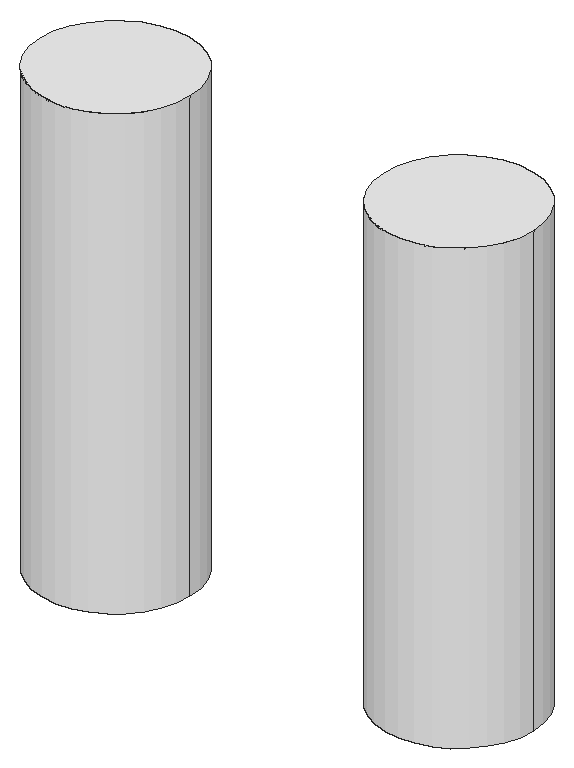
Revit family "55422203(2022)", category Plumbing Fixtures, Revit 2020
Family settings
  Round Connector Dimension = Use Diameter
  Part Type = Normal
  OmniClass Number = 23.45.55.00
  OmniClass Title = Sanitary Faucets, Wastes
  Work Plane-Based = No
  Always vertical = Yes
  Cut with Voids When Loaded = No
  Shared = No
  Room Calculation Point = No
Parameters (values of type "55422203 Washbasin faucet ")
  Working Pressure = "50 - 1000 kPa"
  WarrantyStartDate [instance] = "n/a"
  WarrantyGuarantorParts = "n/a"
  WarrantyGuarantorLabor = "n/a"
  WarrantyDurationUnit = "Year"
  WarrantyDurationParts = "n/a"
  WarrantyDurationLabor = "n/a"
  WarrantyDescription = "http://warranty.hansa.com"
  Warranty Information URL = "http://warranty.hansa.com"
  VersionDate = "01/06/2023"
  Version = "1"
  ValvePattern = "n/a"
  ValveOperation = "n/a"
  ValveMechanism = "n/a"
  Uniclass2015Reference = "Pr_40_20_87_96"
  Uniclass2015Description = "Washbasin manual water supply sets"
  Uniclass2 = "Pr_40_30_96_96"
  URL UWL = "http://static.hansa.com/UWL/55422203"
  URL REACH = "http://static.hansa.com/doc/reach"
  URL EcoLabel Declaration = "http://static.hansa.com/doc/EcoLabel"
  URL EU Packaging Declaration = "http://static.hansa.com/doc/packaging"
  URL Declaration of SCIP = "http://static.hansa.com/doc/SCIP"
  URL Declaration of Conformity = "http://static.hansa.com/DoC/55422203"
  URL Declaration of Asbestos = "http://static.hansa.com/doc/asbestos"
  URL Declaration Of Performance (DOP) = "http://static.hansa.com/doc/DoP"
  URL DVGW = "http://static.hansa.com/DVGW/55422203"
  URL ABP = "http://static.hansa.com/ABP/55422203"
  URL = ""
  UNSPSC Class Number = "30181700 Faucets or taps"
  Type Comments = ""
  TestPressure = "n/a"
  Technical DataSheet URL = "http://www.hansa.com/datasheet/55422203/en"
  TagNumber [instance] = "n/a"
  SustainabilityPerformance = "n/a"
  Surface treatment = "Chrome"
  Spout Type = "Fixed spout"
  Spout Projection = "101 mm"
  Spare-Part Information URL = "http://static.hansa.com/sp/55422203"
  Size = "50x140x125 mm"
  Shape = "Sculptured"
  SerialNumber [instance] = "n/a"
  Sales Package dimensions (LxWxH) = "395 x 195 x 70"
  Revision = "n/a"
  ReplacementCost = "n/a"
  ProductInformation = "n/a"
  Product URL = "http://static.hansa.com/55422203"
  Product Image URL = "http://static.hansa.com/image/55422203"
  Product Family = "5160 "
  Product Code = "55422203"
  OperatingMechanismMaterial = "n/a"
  NominalWidth = 47.158 mm
  NominalHeight = 122.504 mm
  NominalDepth = 138.494 mm
  Noise Class = "I (ISO 3822)"
  Name_en = "55422203 Washbasin faucet"
  Name = "55422203 Washbasin faucet"
  NBSReference = "45-35-70/371"
  NBSDescription = "Water supply fittings for wash basins and troughs"
  Mounting Holes = "1 hole"
  ModelReference = "55422203"
  ModelNumber = "n/a"
  Model = "55422203 Washbasin faucet"
  Mobile Product Information URL = "http://mpi.hansa.com/55422203"
  Mechanical Parts = "ø 35 mm ceramic cartridge for flow and temperature control"
  Max. Hot Water Supply = 70 °C
  Material = "Brass"
  Market = "Austria;Czech Republic;Germany;International;Italy;Slovakia"
  ManufacturerURL = "http://www.hansa.com"
  ManufacturerName = "HANSA"
  Manufacturer = "HANSA"
  Lever Handle = "Hot/Cold symbols;Single operating lever/handle"
  Keynote = ""
  InstallationDate [instance] = "n/a"
  Installation and Maintenance Guide URL = "http://static.hansa.com/manual/55422203"
  Installation Type = "Deck mounted"
  InletConnectionSize = 10 mm
  IfcExportType = "FAUCET"  # constant formula
  IfcExportAs = "IfcValveType"  # constant formula
  Group = "Washbasin faucet"
  Grade = "n/a"
  FlowCoefficient = 0
  Flow Rate At 300kPa With Flow Controller = 0.08 L/s
  Flow Drawing URL = "http://static.hansa.com/flowchart/55422203"
  Finish = "Polished"
  Features = "Single-lever"
  FaucetMainMaterial = Brass
  FDV Document URL = "http://www.hansa.com/datasheet/55422203/en/fdv"
  ExpectedLife = "n/a"
  Excluded Items = "Without pop-up waste;Without draw-rod opening"
  ETIM Class Number = "EC011328 Washbasin mixing tap"
  EN Standard = "EN 817"
  EAN Number = "4057304018978"
  DurationUnit = "Year"
  Dimension Drawing URL = "http://static.hansa.com/dimdrw/55422203"
  Description = ""
  DefaultElevation [instance] = 900 mm
  Default Elevation = 0 mm
  Constituents = "n/a"
  Connection Size = "G3/8"
  Connection = "Flexible inlet pipes"
  Color = "Chrome"
  CodePerformance = "n/a"
  CloseOffRating = 0
  Category = "Washbasin"
  Catalog Drawing URL = "http://static.hansa.com/catdrw/55422203"
  Brand = "HANSA"
  BodyMaterial = "Brass"
  Barcode [instance] = "n/a"
  Backflow Prevention EN1717 = "AA"
  BIMObjectName = "55422203(2022)"
  Author = "BIMStone"
  AssetType = "Fixed"
  AssetIdentifier [instance] = "n/a"
  Approval DVGW = "DW-6506DO0165"
  Approval ABP = "PA-IX 10072/IO"
  Aerator = "PCA® - constant flow rate regardless of pressure variations"
  Advanced Features = "Rapid installation system"
  AccessibilityPerformance = "n/a"
  2D/3D/BIM Files URL = "http://static.hansa.com/bim/55422203"
Reference planes
  plane 1 "Center (Front/Back)": y = 0
  plane 2: z = 0
  plane 3 "Center (Left/Right)": x = 0
  plane 4: x = -23.579
  plane 5: z = 900
  plane 6: z = 870
  plane 7: y = -138.494
  plane 8: x = 23.579
  plane 9: z = 1022.504
Forms (mm)
  Extrusion 1, solid, material "Brass" <- "FaucetMainMaterial"
    sketch origin (0, -2.393, 0) x (1, 0, 0) y (0, 1, 0)
      loop
        circle (-11.5, -22.5) r 5
      loop
        circle (11.5, -22.5) r 5
    from 870 to 900
Dimensions and locks
  "DefaultElevation": plane 5 to level
  locked: plane 5 to plane 6 at 30
  "NominalDepth": plane 7 to plane 1 "Center (Front/Back)"
  equal spacing: plane 4, plane 3 "Center (Left/Right)", plane 8
  "NominalHeight": plane 9 to plane 5
  "NominalWidth": plane 4 to plane 8
  "InletConnectionSize": diameter of Extrusion 1 sketch curve  (x2)
  aligned and locked: level to plane 2
  aligned and locked: plane 5 to Extrusion 1
  aligned and locked: Extrusion 1 to plane 6
  aligned and locked: plane 1 "Center (Front/Back)" to nested 2
  aligned and locked: plane 3 "Center (Left/Right)" to nested 2
  aligned and locked: plane 3 "Center (Left/Right)" to nested 1
  aligned and locked: plane 1 "Center (Front/Back)" to nested 1
  aligned and locked: plane 5 to nested 2
Automatic sketch dimensions
  Extrusion 1 sketch curve to plane 3 "Center (Left/Right)" = 11.5 mm
  plane 3 "Center (Left/Right)" to Extrusion 1 sketch curve = 11.5 mm
  plane 1 "Center (Front/Back)" to Extrusion 1 sketch curve = 24.893 mm  (x2)
Nested families
  nested 1: "Symbol" at (0, 0, 0), type "Symbol", detail levels coarse
  nested 2: "55422203_Body" at (0, 0, 900), Material <- "FaucetMainMaterial", type "55422203_Body"
    with Material Brass
Connectors
  piping at (-11.5, -24.893, 870), diameter 10, driven by "InletConnectionSize"
    settings: on Extrusion 1, index 1, connector inside diameter 609.6 mm, connector length 0 mm, flow factor 0, pipe flow 0.08 L/s, pressure drop 0.0 Pa, fitting loss kfactor 0, connector angle 0.00°, fixture units 0, engagement length 0 mm, angle of deflection 0.00°, flow configuration 1, flow direction 1, fitting loss method 0, system type 19, joint type 0, gender type 0, connector reference index -1, connector utility 0, adjustable connector no, is connector primary yes, connector description ""
  piping at (11.5, -24.893, 870), diameter 10, driven by "InletConnectionSize"
    settings: on Extrusion 1, index 2, connector inside diameter 609.6 mm, connector length 0 mm, flow factor 0, pipe flow 0.08 L/s, pressure drop 0.0 Pa, fitting loss kfactor 0, connector angle 0.00°, fixture units 0, engagement length 0 mm, angle of deflection 0.00°, flow configuration 1, flow direction 1, fitting loss method 0, system type 20, joint type 0, gender type 0, connector reference index -1, connector utility 0, adjustable connector no, is connector primary no, connector description ""
Definition of nested family "Symbol"
  Reference planes
    plane 1: y = 0
    plane 2: x = 0
  Lines and regions (mm)
    detail lines
      curve 1: line (0, 0, 0) -> (0, -1.8, 0)
      curve 2: line (-0.4, -1.1, 0) -> (0.4, -1.1, 0)
      curve 3: line (-0.4, -1.4, 0) -> (0.4, -1.4, 0)
      curve 4: line (0.863, 0, 0) -> (-0.863, 0, 0)
      curve 5: circle (-1.163, 0, 0) r 0.3 normal (0, 0, -1)
      curve 6: circle (1.163, 0, 0) r 0.3 normal (0, 0, 1)
Definition of nested family "55422203_Body"
  Parameters (values of type "55422203_Body")
    Material [instance] = none
    Default Elevation = 0 mm
  Reference planes
    plane 1 "Center (Front/Back)": y = 0
    plane 2: z = 0
    plane 3 "Center (Left/Right)": x = 0
    plane 4: z = 122.504
    plane 5: y = -138.494
    plane 6: x = -23.579
    plane 7: x = 23.579
  Forms (mm)
    Revolve 1, solid, material <- "Material", detail levels medium
      sketch origin (0, 0, 0) x (0, 1, 0) y (0, 0, 1)
        loop
          line (0.147, -7.757) -> (-2.408, 127.297) -> (-25.896, 127.297) -> (-23.341, -7.757) -> (0.147, -7.757)
        axis (-23.333, -8.201) -> (-25.896, 127.297)
      angle from 0 to 360
    Extrusion 2, void
      sketch origin (0, 0, 0) x (0, 1, 0) y (0, 0, 1)
        loop
          line (25.641, 122.104) -> (25.641, 142.777) -> (-138.494, 142.777) -> (-138.494, 122.104) -> (25.641, 122.104)
        loop
          line (25.641, 0) -> (-134.359, 0) -> (-134.359, -25) -> (25.641, -25) -> (25.641, 0)
      from -23.579 to 23.579
    Extrusion 3, solid, material <- "Material", detail levels medium
      sketch origin (0, 0, 0) x (0, 1, 0) y (0, 0, 1)
        loop
          line (-25.682, 117.297) -> (-25.682, 122.104) -> (-110.75, 122.104)
          arc (-110.75, 122.104) -> (-111.943, 121.076) -> (-111.103, 119.744) r 1.206
          line (-111.103, 119.744) -> (-103.108, 117.297) -> (-25.682, 117.297)
      from -22 to 22
    Extrusion 4, solid, material <- "Material", detail levels medium
      sketch origin (0, 0, 0) x (0, 1, 0) y (0, 0, 1)
        loop
          line (-23.504, 69.475) -> (-23.504, 89.465) -> (-137.334, 89.465)
          arc (-137.334, 89.465) -> (-138.154, 89.126) -> (-138.494, 88.305) r 1.16
          line (-138.494, 88.305) -> (-138.494, 86.465) -> (-109.067, 69.475) -> (-23.504, 69.475)
      from -20 to 20
    Revolve 5, solid, material <- "Material", detail levels medium
      sketch origin (0, 0, 0) x (0, 1, 0) y (0, 0, 1)
        loop
          line (-124.264, 69.526) -> (-113.922, 63.556) -> (-108.864, 72.317) -> (-119.206, 78.288) -> (-124.264, 69.526)
        axis (-124.264, 69.526) -> (-119.206, 78.288)
      angle from 0 to 360
    Extrusion 6, solid, material <- "Material", detail levels coarse
      sketch origin (0, 0, 0) x (1, 0, 0) y (0, 1, 0)
        loop
          line (-23.579, 0) -> (-23.579, -138.494) -> (23.579, -138.494) -> (23.579, 0) -> (-23.579, 0)
      from 0 to 122.504
  Cuts and joins
    Extrusion 2 cuts Revolve 1
    joined: Revolve 1, Extrusion 3, Extrusion 4, Revolve 5
  Lines and regions (mm)
    symbolic lines, detail levels medium+fine
      curve 1: line (0, 0, 0) -> (0, -46.976, 0)
      curve 2: line (0, -46.976, 0) -> (0, -46.349, 35.089)
      curve 3: line (0, -1.692, 89.465) -> (0, -2.732, 89.465)
      curve 4: line (0, -2.732, 89.465) -> (0, -6.367, 99.452)
      curve 6: line (0, -45.682, 91.465) -> (0, -43.74, 91.465)
      curve 8: line (0, -45.682, 110.297) -> (0, -45.682, 91.465)
      curve 9: line (0, -1.349, 102.446) -> (0, -1.65, 120.138)
      curve 10: line (0, -3.65, 122.104) -> (0, -110.75, 122.104)
      curve 11: line (0, -52.682, 117.297) -> (0, -103.108, 117.297)
      curve 12: line (0, -111.103, 119.744) -> (0, -103.108, 117.297)
      curve 13: arc (0, -110.75, 122.104) -> (0, -111.943, 121.076) -> (0, -111.103, 119.744) r 1.206
      curve 14: arc (0, -45.682, 110.297) -> (0, -47.733, 115.247) -> (0, -52.682, 117.297) r 7
      curve 15: arc (0, -1.65, 120.138) -> (0, -2.248, 121.53) -> (0, -3.65, 122.104) r 2
      curve 16: arc (0, -1.927, 101.523) -> (0, -1.501, 101.899) -> (0, -1.349, 102.446) r 1
      curve 17: line (0, -80.126, 69.475) -> (0, -109.067, 69.475)
      curve 18: arc (0, -46.349, 35.089) -> (0, -56.026, 59.366) -> (0, -80.126, 69.475) r 33.783
      curve 19: line (0, -138.494, 86.465) -> (0, -130.843, 82.048)
      curve 20: line (0, -138.494, 86.465) -> (0, -138.494, 88.305)
      curve 21: arc (0, -137.334, 89.465) -> (0, -138.154, 89.126) -> (0, -138.494, 88.305) r 1.16
      curve 22: line (0, -114.745, 64.031) -> (0, -133.783, 75.022)
      curve 23: line (0, -132.212, 79.677) -> (0, -130.843, 82.048)
      curve 24: line (0, -111.514, 67.727) -> (0, -110.145, 70.098)
      curve 26: line (0, -132.212, 79.677) -> (0, -131.858, 78.356)
      curve 27: line (0, -131.858, 78.356) -> (0, -133.783, 75.022)
      curve 28: line (0, -111.514, 67.727) -> (0, -112.812, 67.38)
      curve 29: line (0, -112.812, 67.38) -> (0, -114.745, 64.031)
      curve 30: line (0, -110.145, 70.098) -> (0, -109.067, 69.475)
      curve 32: line (0, -44.276, 89.465) -> (0, -43.74, 91.465)
      curve 33: line (0, 0, 0) -> (0, -1.692, 89.465)
      curve 35: line (0, -6.367, 99.452) -> (0, -1.927, 101.523)
      curve 36: line (0, -44.276, 89.465) -> (0, -137.334, 89.465)
      curve 38: line (-23.579, 0, 0) -> (-21.706, 0, 88.339)
      curve 39: arc (-21.706, 0, 88.339) -> (-21.363, 0, 89.135) -> (-20.562, 0, 89.465) r 1.15
      curve 40: line (-20.562, 0, 89.465) -> (-20.207, 0, 91.476)
      curve 41: line (-20.207, 0, 91.476) -> (-22.236, 0, 91.476)
      curve 42: line (-22.236, 0, 91.476) -> (-21.787, 0, 120.893)
      curve 43: line (0, 0, 122.504) -> (-20.518, 0, 122.164)
      curve 44: arc (-20.518, 0, 122.164) -> (-21.409, 0, 121.786) -> (-21.787, 0, 120.893) r 1.29
      curve 51: line (23.579, 0, 0) -> (21.706, 0, 88.339)
      curve 52: arc (21.706, 0, 88.339) -> (21.363, 0, 89.135) -> (20.562, 0, 89.465) r 1.15
      curve 53: line (20.562, 0, 89.465) -> (20.207, 0, 91.476)
      curve 54: line (20.207, 0, 91.476) -> (22.236, 0, 91.476)
      curve 55: line (22.236, 0, 91.476) -> (21.787, 0, 120.893)
      curve 56: line (0, 0, 122.504) -> (20.518, 0, 122.164)
      curve 57: arc (20.518, 0, 122.164) -> (21.409, 0, 121.786) -> (21.787, 0, 120.893) r 1.29
      curve 60: line (-23.579, 0, 0) -> (23.579, 0, 0)
      curve 66: arc (21.853, -32.435, 0) -> (19.555, -10.404, 0) -> (0, 0, 0) r 23.579
      curve 67: line (-21.853, -124.494, 0) -> (-21.853, -32.435, 0)
      curve 68: line (21.853, -124.494, 0) -> (21.853, -32.435, 0)
      curve 69: line (7.853, -138.494, 0) -> (-7.853, -138.494, 0)
      curve 70: arc (-7.853, -138.494, 0) -> (-17.752, -134.394, 0) -> (-21.853, -124.494, 0) r 14
      curve 71: arc (21.853, -124.494, 0) -> (17.752, -134.394, 0) -> (7.853, -138.494, 0) r 14
      curve 78: arc (0, 0, 0) -> (-19.555, -10.404, 0) -> (-21.853, -32.435, 0) r 23.579
    symbolic lines, detail levels fine
      curve 5: line (0, -22.289, 92.028) -> (0, -6.367, 99.452)
      curve 7: arc (0, -24.824, 91.465) -> (0, -23.526, 91.608) -> (0, -22.289, 92.028) r 6
      curve 25: line (0, -111.514, 67.727) -> (0, -132.212, 79.677)
      curve 31: line (0, -130.843, 82.048) -> (0, -110.145, 70.098)
      curve 34: line (0, -2.732, 89.465) -> (0, -44.276, 89.465)
      curve 37: line (0, -43.74, 91.465) -> (0, -24.824, 91.465)
      curve 45: line (0, 0, 117.297) -> (-17.265, 0, 117.297)
      curve 46: arc (-17.265, 0, 117.297) -> (-20.154, 0, 118.306) -> (-21.787, 0, 120.893) r 4.641
      curve 47: spline (11.975, 0, 70.093) -> (11.567, 0, 68.444) -> (10.371, 0, 66.907) -> (8.468, 0, 65.587) -> (5.988, 0, 64.574) -> (3.099, 0, 63.937) -> (0, 0, 63.72) -> (-3.099, 0, 63.937) -> (-5.988, 0, 64.574) -> (-8.468, 0, 65.587) -> (-10.371, 0, 66.907) -> (-11.567, 0, 68.444) -> (-11.975, 0, 70.093) -> (-11.567, 0, 71.743) -> (-10.371, 0, 73.28) -> (-8.468, 0, 74.6) -> (-5.988, 0, 75.612) -> (-3.099, 0, 76.249) -> (0, 0, 76.466) -> (3.099, 0, 76.249) -> (5.988, 0, 75.612) -> (8.468, 0, 74.6) -> (10.371, 0, 73.28) -> (11.567, 0, 71.743) -> (11.975, 0, 70.093)
      curve 48: line (-11.975, 0, 70.093) -> (-11.975, 0, 76.046)
      curve 49: spline (-11.975, 0, 76.046) -> (-11.567, 0, 77.695) -> (-10.371, 0, 79.232) -> (-8.468, 0, 80.552) -> (-5.988, 0, 81.565) -> (-3.099, 0, 82.201) -> (0, 0, 82.419) -> (3.099, 0, 82.201) -> (5.988, 0, 81.565) -> (8.468, 0, 80.552) -> (10.371, 0, 79.232) -> (11.567, 0, 77.695) -> (11.975, 0, 76.046)
      curve 50: line (11.975, 0, 70.093) -> (11.975, 0, 76.046)
      curve 58: line (0, 0, 117.297) -> (17.265, 0, 117.297)
      curve 59: arc (17.265, 0, 117.297) -> (20.154, 0, 118.306) -> (21.787, 0, 120.893) r 4.641
      curve 61: line (-20.562, 0, 89.465) -> (20.562, 0, 89.465)
      curve 62: line (20.207, 0, 91.476) -> (-20.207, 0, 91.476)
      curve 63: spline (20.24, 0, 79.358) -> (19.55, 0, 81.132) -> (17.528, 0, 82.785) -> (14.312, 0, 84.205) -> (10.12, 0, 85.294) -> (5.238, 0, 85.979) -> (0, 0, 86.213) -> (-5.238, 0, 85.979) -> (-10.12, 0, 85.294) -> (-14.312, 0, 84.205) -> (-17.528, 0, 82.785) -> (-19.55, 0, 81.132) -> (-20.24, 0, 79.358)
      curve 64: arc (-20.24, 0, 79.358) -> (-17.874, 0, 73.15) -> (-11.975, 0, 70.093) r 9.326
      curve 65: arc (20.24, 0, 79.358) -> (17.874, 0, 73.15) -> (11.975, 0, 70.093) r 9.326
      curve 72: line (6.853, -112.088, 0) -> (-6.853, -112.088, 0)
      curve 73: arc (-21.853, -97.088, 0) -> (-17.459, -107.695, 0) -> (-6.853, -112.088, 0) r 15
      curve 74: arc (6.853, -112.088, 0) -> (17.459, -107.695, 0) -> (21.853, -97.088, 0) r 15
      curve 75: arc (-21.853, -23.357, 0) -> (0, -1.504, 0) -> (21.853, -23.357, 0) r 21.853
      curve 76: line (-21.853, -32.435, 0) -> (-21.853, -23.357, 0)
      curve 77: line (21.853, -32.435, 0) -> (21.853, -23.357, 0)
  Dimensions and locks
    aligned and locked: level to plane 2
